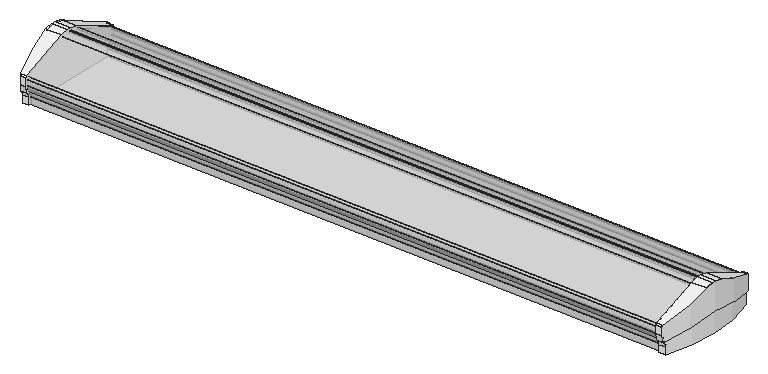
Revit family "0044873 Lighting Fixture_Sylvania_DeltaWing-LED-Electronic_Ceiling Surface", category Lighting Fixtures, host Face, Revit 2017
Family settings
  Host = Face
  Round Connector Dimension = Use Diameter
  Part Type = Normal
  OmniClass Number = 23.80.70.11.17
  OmniClass Title = Specialized Lighting by Location or Use
  Cut with Voids When Loaded = No
  Light Source = Yes
  Shared = No
  Room Calculation Point = No
Parameters (values of type "DELTAWING LED51 EB 4K 1200")
  Width = 200.0 mm
  Weight = 3.40 kg
  Wattage = 50 W
  built-in parameter 1150110 = 1 (stored number, unit not read)
  Voltage Comments = "UNV (Universal Voltage; 220-240 Volt)"  # constant formula
  Voltage = 230 V  # constant formula
  URL = "http://www.sylvania-lighting.com"
  built-in parameter 1114217 = 1 (stored number, unit not read)
  Tilt Angle = -90.00°
  built-in parameter 1150109 = 1 (stored number, unit not read)
  built-in parameter 1150134 = 12
  Ta Rating = "-10°C  to +25°C"  # constant formula
  built-in parameter 1150113 = 1 (stored number, unit not read)
  Product Page URL = "http://www.sylvania-lighting.com/product/en-int/products/0044873"
  Product Family = "DELTAWING LED - ELECTRONIC"  # constant formula
  Photometry Comments = ""
  Photometric Web File = "0044873_DELTAWINGLED51EB4K1200-197914.ies"
  Life = "50 000h"  # constant formula
  Length = 1218.0 mm
  LOR = "100%"
  Inrush Current (max. quantity per 16A C breaker) = "20"  # constant formula
  IP Rating = "IP44"  # constant formula
  IK Rating = "IK08"  # constant formula
  Height = 85.0 mm
  Glow Wire Test = 850 °C  # constant formula
  Glare Control = "UGR<23"  # constant formula
  Emit from Line Length = Length - 2.0 mm * 29  # 1160.0 mm
  Electrical Protection = "Class I"  # constant formula
  Drive Current = "350mA"  # constant formula
  built-in parameter 1114216 [instance] = 1 (stored number, unit not read)
  Cap Material = Plastic_Sylvania_DeltaWing_White
  Model = "DELTAWING LED51 EB 4K 1200"
  Manufacturer = "Feilo Sylvania"
  built-in parameter 1150105 = 409.35 (stored number, unit not read)
  Lumens = 5144 lm
  built-in parameter 1150115 = 1 (stored number, unit not read)
  built-in parameter 1150137 = (empty or 0)
  built-in parameter 1150139 = (empty or 0)
  built-in parameter 1150112 = 1 (stored number, unit not read)
  built-in parameter 1150114 = 1 (stored number, unit not read)
  Lamp = "\tIntegrated LED"  # constant formula
  built-in parameter 1150132 = 2
  built-in parameter 1150102 = (empty or 0)
  built-in parameter 1150107 = 4000 (stored number, unit not read)
  built-in parameter 1150138 = (empty or 0)
  built-in parameter 1150106 = 4.0935 (stored number, unit not read)
  CRI (Ra) = "> 80"  # constant formula
  Body Material = Steel_Sylvania_DeltaWing_White
  built-in parameter 1150104 = 9.5579 (stored number, unit not read)
  Dimming Lamp Color Temperature Shift = <None>
  Diffuser Material = Polycarbonate_Sylvania_DeltaWing_Opal_4000K
  Description = "Low profile surface and suspended LED diffuser luminaire DeltaWing LED is perfect to fulfil a wide range of applications, including educational environments, medical buildings, storage facilities and circulation areas including stairwells High performance: delivers up to 7,260lm (luminaire lumen output on 4,000K version), and up to 102lm/W (total system efficiency) Available in neutral white (4,000K) and warm white (3,000K) Smooth Polycarbonate extruded diffuser provides high efficiency, while minimising glare Precision prisms designed to optimise light output and reduce glare Options of non-dimmable, DALI, 3 hour maintained Emergency and Integrated Microwave sensor as standard Integrated Microwave sensor mounted discretely behind the diffuser helps further reduce energy and maintenance bills Suitable for suspended mounting using wire suspension kit (to be ordered seperately) BESA box connection possibility standard on product Long lifetime: 50,000 hours life at 70% of the original output L70 Energy class: A++, A+, A"  # constant formula
  Default Elevation = 0.0 mm
  Color Filter = 16777215
  Catalog Number = "0044873 DELTAWING LED51 EB 4K 1200"
  built-in parameter 1140040 [instance] = 1
  built-in parameter 1114218 = 1 (stored number, unit not read)
  built-in parameter 1150133 = 10 (stored number, unit not read)
  Assembly Code = "D5020200"
  Apparent Load = 50 VA
Reference planes
  plane 1 "Center (Front/Back)": y = 0
  plane 2 "Fixture Top": z = 0
  plane 3 "Center (Left/Right)": x = 0
  plane 4 "Fixture Left": x = -609
  plane 5 "Fixture Right": x = 609
  plane 6 "Fixture Back": y = 100
  plane 7 "Fixture Front": y = -100
  plane 8 "Cap left": x = -580
  plane 9 "Cap Right": x = 580
  plane 10 "Lamp Plane": z = 22
  plane 11 "Fixture Bottom": z = 85
  plane 12: y = 20
  plane 13: y = -20
Forms (mm)
  Extrusion 1, solid, material "Steel_Sylvania_DeltaWing_White" <- "Body Material", detail levels fine
    sketch origin (0, 0, 0) x (0, 1, 0) y (0, 0, 1)
      loop
        line (-88.5, 0) -> (88.5, 0) -> (88.5, 13.239) -> (90.848, 22) -> (88.777, 22) -> (86.5, 13.502) -> (86.5, 2) -> (-86.5, 2) -> (-86.5, 13.502) -> (-88.777, 22) -> (-90.848, 22) -> (-88.5, 13.239) -> (-88.5, 0)
    from -580 to 580
  Extrusion 2, solid, material "Polycarbonate_Sylvania_DeltaWing_Opal_4000K" <- "Diffuser Material", detail levels fine
    sketch origin (0, 0, 0) x (0, 1, 0) y (0, 0, 1)
      loop
        line (96, 33.502) -> (94.018, 26.104) -> (92.041, 26.455) -> (88.5, 13.239) -> (88.5, 0) -> (90.5, 0) -> (90.5, 12.975) -> (93.498, 24.165) -> (95.475, 23.815) -> (98, 33.238) -> (98, 44.42)
        arc (98, 44.42) -> (97.319, 46.653) -> (95.506, 48.125) r 4
        line (95.506, 48.125) -> (16.971, 80.055)
        arc (16.971, 80.055) -> (9.581, 82.257) -> (1.906, 83) r 40
        line (1.906, 83) -> (-1.906, 83)
        arc (-1.906, 83) -> (-9.581, 82.257) -> (-16.971, 80.055) r 40
        line (-16.971, 80.055) -> (-95.506, 48.125)
        arc (-95.506, 48.125) -> (-97.319, 46.653) -> (-98, 44.42) r 4
        line (-98, 44.42) -> (-98, 33.238) -> (-95.475, 23.815) -> (-93.498, 24.165) -> (-90.5, 12.975) -> (-90.5, 0) -> (-88.5, 0) -> (-88.5, 13.239) -> (-92.041, 26.455) -> (-94.018, 26.104) -> (-96, 33.502) -> (-96, 43.074)
        arc (-96, 43.074) -> (-95.319, 45.307) -> (-93.506, 46.779) r 4
        line (-93.506, 46.779) -> (-15.978, 78.299)
        arc (-15.978, 78.299) -> (-9.922, 80.17) -> (-3.638, 81) r 37.685
        line (-3.638, 81) -> (3.638, 81)
        arc (3.638, 81) -> (9.922, 80.17) -> (15.978, 78.299) r 37.685
        line (15.978, 78.299) -> (93.506, 46.779)
        arc (93.506, 46.779) -> (95.319, 45.307) -> (96, 43.074) r 4
        line (96, 43.074) -> (96, 33.502)
    from -580 to 580
  Extrusion 3, solid, material "Steel_Sylvania_DeltaWing_White" <- "Body Material", detail levels coarse+medium
    sketch origin (0, 0, 0) x (0, 1, 0) y (0, 0, 1)
      loop
        line (-16.971, 80.055) -> (-95.506, 48.125)
        arc (-95.506, 48.125) -> (-97.319, 46.653) -> (-98, 44.42) r 4
        line (-98, 44.42) -> (-98, 33.238) -> (-95.475, 23.815) -> (-93.498, 24.165) -> (-90.5, 12.975) -> (-90.5, 0) -> (90.5, 0) -> (90.5, 12.975) -> (93.498, 24.165) -> (95.475, 23.815) -> (98, 33.238) -> (98, 44.42)
        arc (98, 44.42) -> (97.319, 46.653) -> (95.506, 48.125) r 4
        line (95.506, 48.125) -> (16.971, 80.055)
        arc (16.971, 80.055) -> (9.581, 82.257) -> (1.906, 83) r 40
        line (1.906, 83) -> (-1.906, 83)
        arc (-1.906, 83) -> (-9.581, 82.257) -> (-16.971, 80.055) r 40
    from -580 to 580
Dimensions and locks
  equal spacing: plane 4 "Fixture Left", plane 3 "Center (Left/Right)", plane 5 "Fixture Right"
  "Length": plane 4 "Fixture Left" to plane 5 "Fixture Right"
  locked: plane 4 "Fixture Left" to plane 8 "Cap left" at 29
  locked: plane 9 "Cap Right" to plane 5 "Fixture Right" at 29
  "Height": plane 11 "Fixture Bottom" to plane 2 "Fixture Top"
  equal spacing: plane 6 "Fixture Back", plane 1 "Center (Front/Back)", plane 7 "Fixture Front"
  "Width": plane 6 "Fixture Back" to plane 7 "Fixture Front"
  equal spacing: plane 12, plane 1 "Center (Front/Back)", plane 13
  locked: Extrusion 1 sketch curve to Extrusion 1 sketch curve at 2
  locked: plane 10 "Lamp Plane" to Extrusion 1 sketch curve at 8.498  (x2)
  aligned and locked: level to host face
  aligned and locked: nested 1 to plane 1 "Center (Front/Back)"
  aligned and locked: nested 1 to plane 5 "Fixture Right"
  aligned and locked: nested 2 to plane 4 "Fixture Left"
  aligned and locked: plane 2 "Fixture Top" to Extrusion 1 sketch curve
  aligned and locked: Extrusion 1 to plane 8 "Cap left"
  aligned and locked: plane 9 "Cap Right" to Extrusion 1
  aligned and locked: Extrusion 2 to plane 8 "Cap left"
  aligned and locked: plane 9 "Cap Right" to Extrusion 2
  aligned and locked: Extrusion 3 sketch curve to Extrusion 2  (x2)
  aligned and locked: Extrusion 3 to plane 8 "Cap left"
  aligned and locked: plane 9 "Cap Right" to Extrusion 3
  aligned and locked: plane 2 "Fixture Top" to nested 2
  aligned and locked: nested 1 to plane 2 "Fixture Top"
  aligned and locked: plane 10 "Lamp Plane" to Extrusion 1 sketch curve  (x2)
  aligned and locked: Extrusion 3 sketch curve to plane 2 "Fixture Top"
  aligned and locked: plane 2 "Fixture Top" to Extrusion 2 sketch curve
  aligned and locked: Extrusion 2 sketch curve to plane 2 "Fixture Top"
  aligned and locked: imposter light to plane 1 "Center (Front/Back)"
  aligned and locked: plane 3 "Center (Left/Right)" to imposter light
  aligned and locked: plane 11 "Fixture Bottom" to imposter light
Automatic sketch dimensions
  host sketch curve to host sketch curve = 1713.741 mm
  host sketch curve to host sketch curve = 1283.632 mm
  plane 7 "Fixture Front" to Extrusion 2 sketch curve = 2.0 mm
  Extrusion 2 sketch curve to plane 10 "Lamp Plane" = 9.025 mm  (x2)
  Extrusion 2 sketch curve to Extrusion 2 sketch curve = 2.0 mm  (x8)
  Extrusion 2 sketch curve to Extrusion 2 sketch curve = 2.494 mm
  plane 10 "Lamp Plane" to Extrusion 2 sketch curve = 1.815 mm  (x2)
  plane 7 "Fixture Front" to Extrusion 2 sketch curve = 4.525 mm
  Extrusion 2 sketch curve to Extrusion 2 sketch curve = 1.457 mm  (x2)
  plane 10 "Lamp Plane" to Extrusion 2 sketch curve = 2.165 mm  (x2)
  Extrusion 2 sketch curve to Extrusion 2 sketch curve = 0.52 mm
  Extrusion 2 sketch curve to Extrusion 2 sketch curve = 1.977 mm  (x3)
  plane 7 "Fixture Front" to Extrusion 2 sketch curve = 9.5 mm
  plane 13 to Extrusion 2 sketch curve = 3.029 mm
  Extrusion 2 sketch curve to Extrusion 2 sketch curve = 0.993 mm  (x2)
  plane 1 "Center (Front/Back)" to Extrusion 2 sketch curve = 3.638 mm
  plane 1 "Center (Front/Back)" to Extrusion 2 sketch curve = 1.906 mm
  Extrusion 2 sketch curve to plane 1 "Center (Front/Back)" = 1.906 mm
  Extrusion 2 sketch curve to Extrusion 2 sketch curve = 1.732 mm
  plane 12 to Extrusion 2 sketch curve = 4.022 mm
  Extrusion 2 sketch curve to plane 6 "Fixture Back" = 11.5 mm
  Extrusion 2 sketch curve to plane 6 "Fixture Back" = 7.959 mm
  Extrusion 2 sketch curve to plane 6 "Fixture Back" = 6.494 mm
  Extrusion 2 sketch curve to plane 6 "Fixture Back" = 4.0 mm
  Extrusion 2 sketch curve to plane 6 "Fixture Back" = 2.0 mm
  Extrusion 2 sketch curve to Extrusion 2 sketch curve = 0.041 mm  (x2)
  Extrusion 2 sketch curve to Extrusion 2 sketch curve = 1.506 mm
  Extrusion 2 sketch curve to Extrusion 2 sketch curve = 0.494 mm
  Extrusion 2 sketch curve to Extrusion 2 sketch curve = 0.263 mm  (x4)
  Extrusion 2 sketch curve to Extrusion 2 sketch curve = 1.939 mm  (x2)
  Extrusion 2 sketch curve to Extrusion 2 sketch curve = 0.351 mm  (x2)
  Extrusion 2 sketch curve to Extrusion 2 sketch curve = 7.134 mm  (x2)
  Extrusion 2 sketch curve to Extrusion 2 sketch curve = 9.572 mm  (x2)
  Extrusion 2 sketch curve to Extrusion 2 sketch curve = 1.346 mm  (x2)
  Extrusion 2 sketch curve to plane 11 "Fixture Bottom" = 6.701 mm
  Extrusion 2 sketch curve to Extrusion 2 sketch curve = 0.0 mm
  Extrusion 2 sketch curve to Extrusion 2 sketch curve = 1.755 mm  (x2)
  Extrusion 2 sketch curve to Extrusion 2 sketch curve = 2.701 mm
  Extrusion 1 sketch curve to Extrusion 1 sketch curve = 2.0 mm  (x2)
  Extrusion 1 sketch curve to Extrusion 1 sketch curve = 0.263 mm  (x2)
  Extrusion 1 sketch curve to Extrusion 1 sketch curve = 2.071 mm  (x2)
  plane 7 "Fixture Front" to Extrusion 1 sketch curve = 9.152 mm
  plane 13 to Extrusion 3 sketch curve = 3.029 mm
  Extrusion 3 sketch curve to Extrusion 3 sketch curve = 1.506 mm  (x2)
  Extrusion 3 sketch curve to Extrusion 3 sketch curve = 11.181 mm  (x2)
  plane 10 "Lamp Plane" to Extrusion 3 sketch curve = 1.815 mm  (x2)
  plane 7 "Fixture Front" to Extrusion 3 sketch curve = 4.525 mm
  plane 10 "Lamp Plane" to Extrusion 3 sketch curve = 2.165 mm  (x2)
  Extrusion 3 sketch curve to Extrusion 3 sketch curve = 1.977 mm  (x2)
  plane 7 "Fixture Front" to Extrusion 3 sketch curve = 9.5 mm
  Extrusion 3 sketch curve to plane 10 "Lamp Plane" = 9.025 mm  (x2)
  plane 1 "Center (Front/Back)" to Extrusion 3 sketch curve = 1.906 mm
  plane 10 "Lamp Plane" to Extrusion 3 sketch curve = 21.0 mm
  plane 12 to Extrusion 3 sketch curve = 3.029 mm
  Extrusion 3 sketch curve to plane 1 "Center (Front/Back)" = 1.906 mm
  Extrusion 3 sketch curve to plane 6 "Fixture Back" = 4.494 mm
  Extrusion 3 sketch curve to Extrusion 3 sketch curve = 0.0 mm
  plane 10 "Lamp Plane" to Extrusion 3 sketch curve = 26.125 mm
  Extrusion 3 sketch curve to plane 6 "Fixture Back" = 2.0 mm
  Extrusion 3 sketch curve to plane 6 "Fixture Back" = 4.525 mm
  Extrusion 3 sketch curve to plane 6 "Fixture Back" = 9.5 mm
  Extrusion 1 sketch curve to plane 6 "Fixture Back" = 11.223 mm
  plane 7 "Fixture Front" to Extrusion 1 sketch curve = 11.5 mm
  Extrusion 1 sketch curve to plane 6 "Fixture Back" = 13.5 mm
Nested families
  nested 1: "Cap" at (580, 0, 0) x (0, 1, 0) z (0, 0, 1), type "Type"
  nested 2: "Cap" at (-580, 0, 0) x (0, 1, 0) z (0, 0, 1), type "Type"
Connectors
  electrical at (0, 0, 0), driven by "Voltage", driven by "Apparent Load"
    settings: on Extrusion 1, index 1, voltage 230 V, apparent load 0 VA, apparent load phase1 50 VA, apparent load phase2 0 VA, apparent load phase3 0 VA, power factor 1, load classification "Lighting", number of poles 1, system type 31, power factor state 1, is connector primary yes, connector utility no, sub classification motor no, connector description ""
Definition of nested family "Cap"
  Parameters
    Height = 85.0 mm
    Width = 200.0 mm
    Default Elevation = 0.0 mm
    Cap Material = none
  Reference planes
    plane 1 "Center (Front/Back)": y = 0
    plane 2: z = 0
    plane 3 "Center (Left/Right)": x = 0
    plane 4: x = 100
    plane 5: x = -100
    plane 6: y = -29
    plane 7: y = -10
    plane 8: z = 85
    plane 9: z = 17
    plane 10: z = 22
    plane 11: z = 37
  Forms (mm)
    Extrusion 1, solid, material <- "Cap Material"
      sketch origin (0, 0, 0) x (1, 0, 0) y (0, 1, 0)
        loop
          line (-100, 0) -> (-100, -10)
          arc (-100, -10) -> (0, -28.818) -> (100, -10) r 275.114
          line (100, -10) -> (100, 0) -> (-100, 0)
      from 0 to 85
    Extrusion 2, void
      sketch origin (0, 0, 0) x (1, 0, 0) y (0, 0, 1)
        loop
          line (-92.5, 0) -> (-92.5, 12.712) -> (-94.955, 21.876) -> (-96.887, 21.358) -> (-101.913, 40.115)
          arc (-101.913, 40.115) -> (-101.345, 45.755) -> (-97.183, 49.603) r 8
          line (-97.183, 49.603) -> (-17.481, 82.006)
          arc (-17.481, 82.006) -> (-8.901, 84.444) -> (0, 85) r 41.685
          arc (0, 85) -> (8.901, 84.444) -> (17.481, 82.006) r 41.685
          line (17.481, 82.006) -> (97.183, 49.603)
          arc (97.183, 49.603) -> (101.345, 45.755) -> (101.913, 40.115) r 8
          line (101.913, 40.115) -> (96.887, 21.358) -> (94.955, 21.876) -> (92.5, 12.712) -> (92.5, 0) -> (117.5, 0) -> (117.5, 106.013) -> (-117.5, 106.013) -> (-117.5, 0) -> (-92.5, 0)
      from 0 to 250
    Extrusion 3, void
      sketch origin (0, 0, 0) x (1, 0, 0) y (0, 0, 1)
        loop
          line (-94.955, 21.876) -> (-100, 20.524) -> (-100, 0) -> (100, 0) -> (100, 20.524) -> (94.955, 21.876) -> (10.419, 36.87)
          arc (10.419, 36.87) -> (0, 37.781) -> (-10.419, 36.87) r 60
          line (-10.419, 36.87) -> (-94.955, 21.876)
      from -68.585 to 250
    Extrusion 4, solid, material <- "Cap Material"
      sketch origin (0, 0, 0) x (1, 0, 0) y (0, 1, 0)
        loop
          line (-100, 0) -> (-100, -9.525)
          arc (-100, -9.525) -> (0.169, -27.445) -> (100, -7.727) r 275.114
          line (100, -7.727) -> (100, 0) -> (-100, 0)
      from 0 to 85
    Extrusion 5, void
      sketch origin (0, 0, 0) x (1, 0, 0) y (0, 0, 1)
        loop
          line (-92.5, 0) -> (-92.5, 12.712) -> (-94.955, 21.876) -> (-96.887, 21.358) -> (-101.913, 40.115)
          arc (-101.913, 40.115) -> (-101.345, 45.755) -> (-97.183, 49.603) r 8
          line (-97.183, 49.603) -> (-17.481, 82.006)
          arc (-17.481, 82.006) -> (-8.901, 84.444) -> (0, 85) r 41.685
          arc (0, 85) -> (8.901, 84.444) -> (17.481, 82.006) r 41.685
          line (17.481, 82.006) -> (97.183, 49.603)
          arc (97.183, 49.603) -> (101.345, 45.755) -> (101.913, 40.115) r 8
          line (101.913, 40.115) -> (96.887, 21.358) -> (94.955, 21.876) -> (92.5, 12.712) -> (92.5, 0) -> (117.5, 0) -> (117.5, 106.013) -> (-117.5, 106.013) -> (-117.5, 0) -> (-92.5, 0)
      from 0 to 250
  Cuts and joins
    Extrusion 2, Extrusion 3, Extrusion 5 cuts Extrusion 1
    Extrusion 5 cuts Extrusion 4
    joined: Extrusion 1, Extrusion 4
  Dimensions and locks
    equal spacing: plane 5, plane 3 "Center (Left/Right)", plane 4
    "Width": plane 5 to plane 4
    locked: plane 1 "Center (Front/Back)" to plane 6 at 29
    plane 1 "Center (Front/Back)" to plane 7 = 10.0 mm
    "Height": plane 8 to level
    plane 9 to plane 2 = 17.0 mm
    plane 10 to plane 9 = 5.0 mm
    Extrusion 2 sketch curve to plane 5 = 7.5 mm
    aligned and locked: level to plane 2
    aligned and locked: plane 1 "Center (Front/Back)" to Extrusion 1 sketch curve
    aligned and locked: Extrusion 1 sketch curve to plane 5
    aligned and locked: Extrusion 1 sketch curve to plane 4
    aligned and locked: plane 7 to Extrusion 1 sketch curve  (x2)
    aligned and locked: Extrusion 1 to plane 2
    aligned and locked: plane 8 to Extrusion 1
  Automatic sketch dimensions
    Extrusion 1 sketch curve to plane 1 "Center (Front/Back)" = 246.296 mm
    Extrusion 2 sketch curve to plane 5 = 17.5 mm
    Extrusion 2 sketch curve to plane 9 = 4.288 mm
    Extrusion 2 sketch curve to plane 3 "Center (Left/Right)" = 0.0 mm
    Extrusion 2 sketch curve to plane 8 = 0.0 mm
    Extrusion 2 sketch curve to plane 5 = 1.913 mm
    plane 5 to Extrusion 2 sketch curve = 2.817 mm
    plane 10 to Extrusion 2 sketch curve = 0.642 mm  (x2)
    plane 5 to Extrusion 2 sketch curve = 3.113 mm
    plane 10 to Extrusion 2 sketch curve = 0.124 mm  (x2)
    Extrusion 2 sketch curve to plane 8 = 2.994 mm  (x2)
    Extrusion 2 sketch curve to plane 3 "Center (Left/Right)" = 17.481 mm
    plane 3 "Center (Left/Right)" to Extrusion 2 sketch curve = 17.481 mm
    Extrusion 2 sketch curve to plane 4 = 7.5 mm
    Extrusion 2 sketch curve to plane 4 = 5.045 mm
    Extrusion 2 sketch curve to Extrusion 2 sketch curve = 1.932 mm
    Extrusion 2 sketch curve to plane 4 = 2.817 mm
    plane 4 to Extrusion 2 sketch curve = 1.913 mm
    plane 4 to Extrusion 2 sketch curve = 17.5 mm
    plane 5 to Extrusion 2 sketch curve = 5.814 mm
    Extrusion 2 sketch curve to plane 3 "Center (Left/Right)" = 1.865 mm
    plane 3 "Center (Left/Right)" to Extrusion 2 sketch curve = 1.865 mm
    Extrusion 2 sketch curve to plane 4 = 5.814 mm
    Extrusion 2 sketch curve to Extrusion 2 sketch curve = 9.488 mm  (x2)
    plane 8 to Extrusion 2 sketch curve = 21.013 mm
    Extrusion 2 sketch curve to level = 0.0 mm  (x2)
    Extrusion 3 sketch curve to plane 3 "Center (Left/Right)" = 0.0 mm
    plane 10 to Extrusion 3 sketch curve = 0.124 mm  (x2)
    Extrusion 3 sketch curve to plane 3 "Center (Left/Right)" = 10.419 mm
    plane 3 "Center (Left/Right)" to Extrusion 3 sketch curve = 10.419 mm
    plane 11 to Extrusion 3 sketch curve = 0.13 mm
    plane 10 to Extrusion 3 sketch curve = 1.476 mm  (x2)
    Extrusion 3 sketch curve to level = 0.0 mm
    Extrusion 3 sketch curve to plane 5 = 0.0 mm
    Extrusion 3 sketch curve to Extrusion 3 sketch curve = 22.219 mm
    plane 5 to Extrusion 3 sketch curve = 5.045 mm
    Extrusion 3 sketch curve to plane 4 = 5.045 mm
    plane 4 to Extrusion 3 sketch curve = 0.0 mm
    plane 1 "Center (Front/Back)" to Extrusion 4 sketch curve = 0.0 mm
    Extrusion 4 sketch curve to plane 5 = 0.0 mm
    Extrusion 4 sketch curve to plane 4 = 0.0 mm
    plane 7 to Extrusion 4 sketch curve = 2.273 mm
    plane 7 to Extrusion 4 sketch curve = 0.475 mm
    Extrusion 4 sketch curve to plane 1 "Center (Front/Back)" = 247.658 mm
    Extrusion 5 sketch curve to level = 0.0 mm  (x2)
    Extrusion 5 sketch curve to plane 5 = 17.5 mm
    Extrusion 5 sketch curve to plane 9 = 4.288 mm  (x2)
    Extrusion 5 sketch curve to plane 3 "Center (Left/Right)" = 0.0 mm
    Extrusion 5 sketch curve to plane 8 = 0.0 mm
    Extrusion 5 sketch curve to plane 5 = 1.913 mm
    plane 5 to Extrusion 5 sketch curve = 2.817 mm
    plane 10 to Extrusion 5 sketch curve = 0.642 mm  (x2)
    plane 5 to Extrusion 5 sketch curve = 3.113 mm
    plane 10 to Extrusion 5 sketch curve = 0.124 mm  (x2)
    Extrusion 5 sketch curve to Extrusion 5 sketch curve = 1.932 mm
    Extrusion 5 sketch curve to plane 8 = 2.994 mm  (x2)
    Extrusion 5 sketch curve to plane 3 "Center (Left/Right)" = 17.481 mm
    plane 3 "Center (Left/Right)" to Extrusion 5 sketch curve = 17.481 mm
    Extrusion 5 sketch curve to plane 4 = 7.5 mm
    Extrusion 5 sketch curve to plane 4 = 5.045 mm
    Extrusion 5 sketch curve to plane 4 = 2.817 mm
    plane 4 to Extrusion 5 sketch curve = 1.913 mm
    plane 4 to Extrusion 5 sketch curve = 17.5 mm
    plane 5 to Extrusion 5 sketch curve = 5.814 mm
    Extrusion 5 sketch curve to plane 3 "Center (Left/Right)" = 1.865 mm
    plane 3 "Center (Left/Right)" to Extrusion 5 sketch curve = 1.865 mm
    Extrusion 5 sketch curve to plane 4 = 5.814 mm
    Extrusion 5 sketch curve to Extrusion 5 sketch curve = 9.488 mm  (x2)
    plane 8 to Extrusion 5 sketch curve = 21.013 mm
